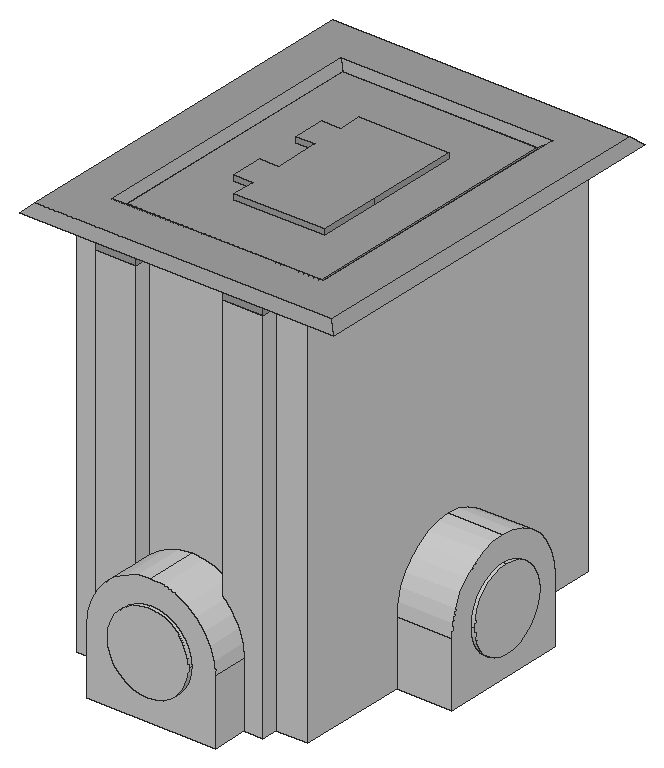
Revit family "Electrical_Equipment-Floor_Box-Hubbell_Wiring-1_Gang-Rectangular_Non_Metallic_Cover-PFBRG1", category Electrical Fixtures, host Face, Revit 2015
Parameters (values of type "PFBRG1 - 1 Gang - Non_Metallic Cover")
  Unit Height Note [instance] = "Min = 3.0in.  Max = 6.0in."  # constant formula
  Unit Height [instance] = 0' - 6"
  URL = "http://www.hubbell-wiring.com/"
  Product data url = "https://bimobject.com/hubbellwiring/product/systemone-pfbrg1"
  Product Page URL = "http://ecatalog.hubbell-wiring.com/productinformation/viewcatalog.aspx?Dest=hubbell-wiring.com/press/catalog/L.pdf&Page=4"
  Product Documentation Link = "http://ecatalog.hubbell-wiring.com/press/catalog/L-11.pdf"
  Model = "PFBRG1"
  Manufacturer = "Hubbell-Wiring"  # constant formula
  Floor Box Type = Non_Metallic Concrete Floor Box : PFBRG1 - Non_Metallic Concrete Floor Box
  Description = "Flush Rectangular Non-Metallic Concrete Floor Box with Non_Metal Cover"  # constant formula
  Default Elevation = 0' - 0"
  Cover Type [instance] = Covers : PFBR826GYA - Non_Metallic Cover - Gray
  Cover Accessory Type [instance] = Carpet Flange : PFBRFGY1 - Non_Metallic Carpet Flange - Gray
  Construction Note [instance] = "Cover with Duplex and Style Line decorator inserts included"  # constant formula
  Conduit Connector_4 Description = "Conduit 1.25in. Connection"  # constant formula
  Conduit Connector_3 Description = "Conduit 1.25in. Connection"  # constant formula
  Conduit Connector_2 Description = "Conduit 1.25in. Connection"  # constant formula
  Conduit Connector_1 Description = "Conduit 1.25in. Connection"  # constant formula
  Conduit Connector 1 Radius = 0' - 0 5/8"  # constant formula
  Collar Material = Non_Metallic-Hubbell-Gray
  Box Material = Non_Metallic-Hubbell-Plastic
  Assembly Code = "D5020115"
  Adapter Ring Part Number = "PFBRAC"
  Adapter Frame Part Number = "S5017G / SA5017G"
Reference planes (in)
  plane 1 "Center (Front/Back)": y = 0
  plane 2: z = 0
  plane 3 "Center (Left/Right)": x = 0
Forms (in)
  Extrusion 1, void, detail levels fine
    sketch origin (0, 0, 0) x (1, 0, 0) y (0, 1, 0)
      loop
        line (-1.51002, -2.08502) -> (1.51002, -2.08502) -> (1.51002, 2.08502) -> (-1.51002, 2.08502) -> (-1.51002, -2.08502)
    from 0 to -6
Lines and regions (in)
  symbolic lines
    curve 1: line (-2.425, -3, 0) -> (2.45391, -3, 0)
    curve 2: line (-2.425, 3, 0) -> (-2.425, -3, 0)
    curve 3: line (2.45391, 3, 0) -> (-2.425, 3, 0)
    curve 4: line (2.45391, -3, 0) -> (2.45391, 3, 0)
Dimensions and locks (in)
  locked: host face to nested 3 at 0.04297
  aligned and locked: plane 2 to host face
  aligned and locked: level to host face
  aligned: level to Extrusion 1
  aligned and locked: plane 1 "Center (Front/Back)" to nested 1
  aligned: plane 2 to nested 1  (x2)
  aligned: Extrusion 1 to nested 1  (x8)
  aligned and locked: plane 1 "Center (Front/Back)" to nested 2
  aligned: nested 2 to plane 2
  aligned: Extrusion 1 to nested 2  (x2)
  aligned and locked: nested 2 to plane 2
  aligned and locked: plane 1 "Center (Front/Back)" to nested 3
  aligned and locked: plane 3 "Center (Left/Right)" to nested 3
  aligned and locked: plane 3 "Center (Left/Right)" to nested 2
  aligned and locked: plane 3 "Center (Left/Right)" to nested 1
  aligned and locked: curve 1 to nested 2
  aligned and locked: curve 2 to nested 2
  aligned and locked: curve 3 to nested 2
  aligned and locked: curve 4 to nested 2
Nested families (in)
  nested 1: "Non_Metallic Concrete Floor Box" at (0, 0, 0), Unit Height <- "Unit Height", type "PFBRG1 - Non_Metallic Concrete Floor Box"
    with Unit Height 0' - 6"
  nested 2: "Carpet Flange" at (0, 0, 0), type <- "Cover Accessory Type", type "PFBRFGY1 - Non_Metallic Carpet Flange - Gray"
  nested 3: "Covers" at (0, 0, -0.04297), type <- "Cover Type", type "PFBR826GYA - Non_Metallic Cover - Gray"
Connectors (in)
  cabletrayconduit at (0, -3.56429, -5), diameter 1.25, driven by "Conduit Connector 1 Radius", driven by "Conduit Connector_1 Description"
    settings: on nested 1, index 1, connector width 1' - 0", connector height 1' - 0", connector angle 0.00°, system type 32, placement type 0, profile type 0, connector reference index -1, is primary connector yes, connector utility param no, connector description "Conduit 1.25in. Connection"
  cabletrayconduit at (2.705, -0.00392, -5), diameter 1.25, driven by "Conduit Connector 1 Radius", driven by "Conduit Connector_2 Description"
    settings: on nested 1, index 2, connector width 1' - 0", connector height 1' - 0", connector angle 0.00°, system type 32, placement type 0, profile type 0, connector reference index -1, is primary connector no, connector utility param no, connector description "Conduit 1.25in. Connection"
  cabletrayconduit at (0, 3.56429, -5), diameter 1.25, driven by "Conduit Connector 1 Radius", driven by "Conduit Connector_3 Description"
    settings: on nested 1, index 3, connector width 1' - 0", connector height 1' - 0", connector angle 0.00°, system type 32, placement type 0, profile type 0, connector reference index -1, is primary connector no, connector utility param no, connector description "Conduit 1.25in. Connection"
  cabletrayconduit at (-2.705, 0, -5), diameter 1.25, driven by "Conduit Connector 1 Radius", driven by "Conduit Connector_4 Description"
    settings: on nested 1, index 4, connector width 1' - 0", connector height 1' - 0", connector angle 0.00°, system type 32, placement type 0, profile type 0, connector reference index -1, is primary connector no, connector utility param no, connector description "Conduit 1.25in. Connection"
Definition of nested family "Non_Metallic Concrete Floor Box"
  Parameters
    Unit Height [instance] = 0' - 4"
    Cover Material = none
    Conduit Connector Offset = 0' - 1"
    Conduit Connector 1 Radius = 0' - 0 5/8"
    Can Material = none
    Assembly Code = ""
  Reference planes (in)
    plane 1 "Center (Front/Back)": y = 0
    plane 2: z = 0
    plane 3 "Center (Left/Right)": x = 0
    plane 4: z = -4
    plane 5: z = -3
    plane 6: y = 3.50179
    plane 7: y = 3.56429
    plane 8: y = -3.50179
    plane 9: y = -3.56429
  Forms (in)
    Extrusion 1, solid, material <- "Can Material"
      sketch origin (0, 0, 0) x (1, 0, 0) y (0, 0, -1)
        loop
          arc (-0.625, 3) -> (-0.44194, 2.55806) -> (0, 2.375) r 0.625
          arc (0, 2.375) -> (0.44194, 2.55806) -> (0.625, 3) r 0.625
          arc (0.625, 3) -> (0.44194, 3.44194) -> (0, 3.625) r 0.625
          arc (0, 3.625) -> (-0.44194, 3.44194) -> (-0.625, 3) r 0.625
      from -3.50179 to -3.56429
    Extrusion 2, solid, material <- "Can Material"
      sketch origin (0, 0, -2) x (1, 0, 0) y (0, 0, 1)
        loop
          line (-1, -2) -> (1, -2) -> (1, -1)
          arc (1, -1) -> (0.70711, -0.29289) -> (0, 0) r 1
          arc (0, 0) -> (-0.70711, -0.29289) -> (-1, -1) r 1
          line (-1, -1) -> (-1, -2)
      from 2.705 to 3.50179
    Extrusion 3, solid, material <- "Can Material"
      sketch origin (0, 0, 0) x (1, 0, 0) y (0, 0, 1)
        loop
          arc (-0.625, -3) -> (-0.44194, -3.44194) -> (0, -3.625) r 0.625
          arc (0, -3.625) -> (0.44194, -3.44194) -> (0.625, -3) r 0.625
          arc (0.625, -3) -> (0.44194, -2.55806) -> (0, -2.375) r 0.625
          arc (0, -2.375) -> (-0.44194, -2.55806) -> (-0.625, -3) r 0.625
      from -3.50179 to -3.56429
    Extrusion 4, solid, material <- "Can Material"
      sketch origin (0, 0, 0) x (1, 0, 0) y (0, 0, -1)
        loop
          arc (-1, 3) -> (-0.70711, 2.29289) -> (0, 2) r 1
          arc (0, 2) -> (0.70711, 2.29289) -> (1, 3) r 1
          line (1, 3) -> (1, 4) -> (-1, 4) -> (-1, 3)
      from 2.705 to 3.50179
    Extrusion 5, solid, material <- "Can Material"
      sketch origin (0.07413, -0.00392, 0) x (0, 1, 0) y (0, 0, -1)
        loop
          arc (-0.625, 3) -> (-0.44194, 2.55806) -> (0, 2.375) r 0.625
          arc (0, 2.375) -> (0.44194, 2.55806) -> (0.625, 3) r 0.625
          arc (0.625, 3) -> (0.44194, 3.44194) -> (0, 3.625) r 0.625
          arc (0, 3.625) -> (-0.44194, 3.44194) -> (-0.625, 3) r 0.625
      from -2.56837 to -2.63087
    Extrusion 6, solid, material <- "Can Material"
      sketch origin (0, 0, 0) x (0, 1, 0) y (0, 0, 1)
        loop
          arc (0, -2) -> (-0.70711, -2.29289) -> (-1, -3) r 1
          line (-1, -3) -> (-1, -4) -> (1, -4) -> (1, -3)
          arc (1, -3) -> (0.70711, -2.29289) -> (0, -2) r 1
      from 1.66217 to 2.6425
    Extrusion 7, solid, material <- "Can Material"
      sketch origin (0, 0, 0) x (0, 1, 0) y (0, 0, 1)
        loop
          arc (-0.625, -3) -> (-0.44194, -3.44194) -> (0, -3.625) r 0.625
          arc (0, -3.625) -> (0.44194, -3.44194) -> (0.625, -3) r 0.625
          arc (0.625, -3) -> (0.44194, -2.55806) -> (0, -2.375) r 0.625
          arc (0, -2.375) -> (-0.44194, -2.55806) -> (-0.625, -3) r 0.625
      from -2.6425 to -2.705
    Extrusion 8, solid, material <- "Can Material"
      sketch origin (0, 0, 0) x (0, 1, 0) y (0, 0, -1)
        loop
          line (-1, 4) -> (-1, 3)
          arc (-1, 3) -> (-0.70711, 2.29289) -> (0, 2) r 1
          arc (0, 2) -> (0.70711, 2.29289) -> (1, 3) r 1
          line (1, 3) -> (1, 4) -> (-1, 4)
      from 1.65826 to 2.6425
    Extrusion 9, solid, material <- "Cover Material"
      sketch origin (0, 0, 0.22509) x (1, 0, 0) y (0, 1, 0)
        loop
          line (-1.29669, 2.705) -> (-1.79, 2.705) -> (-1.79, -2.705) -> (-1.29669, -2.705) -> (-1.29669, -2.955) -> (-0.67049, -2.955) -> (-0.67049, -2.705) -> (0.67049, -2.705) -> (0.67049, -2.955) -> (1.29669, -2.955) -> (1.29669, -2.705) -> (1.79, -2.705) -> (1.79, 2.705) -> (1.29669, 2.705) -> (1.29669, 2.955) -> (0.67049, 2.955) -> (0.67049, 2.705) -> (-0.67049, 2.705) -> (-0.67049, 2.955) -> (-1.29669, 2.955) -> (-1.29669, 2.705)
        loop
          line (-1.4965, 2.078) -> (-1.4965, -2.078) -> (1.4965, -2.078) -> (1.4965, 2.078) -> (-1.4965, 2.078)
      from -0.36509 to -0.22509
    Extrusion 10, solid, material <- "Can Material"
      sketch origin (0, 0, 7.9375) x (1, 0, 0) y (0, 1, 0)
        loop
          line (-1.29669, 2.705) -> (-1.79, 2.705) -> (-1.79, -2.705) -> (-1.29669, -2.705) -> (-1.29669, -2.955) -> (-0.67049, -2.955) -> (-0.67049, -2.705) -> (0.67049, -2.705) -> (0.67049, -2.955) -> (1.29669, -2.955) -> (1.29669, -2.705) -> (1.79, -2.705) -> (1.79, 2.705) -> (1.29669, 2.705) -> (1.29669, 2.955) -> (0.67049, 2.955) -> (0.67049, 2.705) -> (-0.67049, 2.705) -> (-0.67049, 2.955) -> (-1.29669, 2.955) -> (-1.29669, 2.705)
      from -11.9375 to -10.9375
    Extrusion 11, solid, material <- "Can Material"
      sketch origin (0, 0, 7.9375) x (1, 0, 0) y (0, 1, 0)
        loop
          line (-1.29669, 2.705) -> (-1.79, 2.705) -> (-1.79, -2.705) -> (-1.29669, -2.705) -> (-1.29669, -2.955) -> (-0.67049, -2.955) -> (-0.67049, -2.705) -> (0.67049, -2.705) -> (0.67049, -2.955) -> (1.29669, -2.955) -> (1.29669, -2.705) -> (1.79, -2.705) -> (1.79, 2.705) -> (1.29669, 2.705) -> (1.29669, 2.955) -> (0.67049, 2.955) -> (0.67049, 2.705) -> (-0.67049, 2.705) -> (-0.67049, 2.955) -> (-1.29669, 2.955) -> (-1.29669, 2.705)
        loop
          line (-1.4965, 2.078) -> (-1.4965, -2.078) -> (1.4965, -2.078) -> (1.4965, 2.078) -> (-1.4965, 2.078)
      from -10.9375 to -8.0775
  Cuts and joins
    joined: Extrusion 1, Extrusion 2, Extrusion 3, Extrusion 4, Extrusion 5, Extrusion 6, Extrusion 7, Extrusion 8, Extrusion 10, Extrusion 11
  Dimensions and locks (in)
    "Conduit Connector Offset": plane 5 to plane 4
    "Unit Height": level to plane 4
    "Conduit Connector 1 Radius": radius of Extrusion 1 sketch curve
    "Conduit Connector 1 Radius": radius of Extrusion 3 sketch curve
    "Conduit Connector 1 Radius": radius of Extrusion 5 sketch curve
    "Conduit Connector 1 Radius": radius of Extrusion 7 sketch curve
    aligned and locked: plane 2 to level
    aligned and locked: Extrusion 1 to Extrusion 2
    aligned and locked: Extrusion 4 to Extrusion 3
    aligned and locked: Extrusion 5 to Extrusion 6
    aligned and locked: Extrusion 8 to Extrusion 7
    aligned: cut or joined group 1 (Extrusion 1, Extrusion 2, Extrusion 3, Extrusion 4, Extrusion 5, Extrusion 6, Extrusion 7, Extrusion 8, Extrusion 10, Extrusion 11) to cut or joined group 1  (x2)
    aligned: plane 2 to Extrusion 9
    aligned: Extrusion 10 to cut or joined group 1
    aligned: plane 4 to Extrusion 10
    aligned and locked: level to Extrusion 9
    aligned and locked: cut or joined group 1 to plane 4  (x4)
    aligned: cut or joined group 1 to plane 4  (x2)
    aligned: cut or joined group 1 to Extrusion 9
    aligned and locked: plane 5 to Extrusion 10
    aligned and locked: Extrusion 11 to plane 5
    aligned and locked: plane 5 to cut or joined group 1
    aligned and locked: Extrusion 9 to Extrusion 11
  Automatic sketch dimensions
    Extrusion 1 sketch curve to Extrusion 1 sketch curve = 0' - 0"
    Extrusion 1 sketch curve to plane 5 = 0' - 0"
    Extrusion 1 sketch curve to plane 3 "Center (Left/Right)" = 0' - 0"
    Extrusion 2 sketch curve to Extrusion 2 sketch curve = 0' - 0"  (x2)
    plane 5 to Extrusion 2 sketch curve = 0' - 0"
    Extrusion 2 sketch curve to plane 3 "Center (Left/Right)" = 0' - 0"
    Extrusion 2 sketch curve to plane 4 = 0' - 0"
    Extrusion 2 sketch curve to plane 3 "Center (Left/Right)" = 0' - 1"
    Extrusion 3 sketch curve to Extrusion 3 sketch curve = 0' - 0"
    Extrusion 3 sketch curve to plane 5 = 0' - 0"
    Extrusion 3 sketch curve to plane 3 "Center (Left/Right)" = 0' - 0"
    Extrusion 4 sketch curve to Extrusion 4 sketch curve = 0' - 0"  (x2)
    Extrusion 4 sketch curve to plane 5 = 0' - 0"
    Extrusion 4 sketch curve to plane 3 "Center (Left/Right)" = 0' - 0"
    Extrusion 4 sketch curve to Extrusion 4 sketch curve = 0' - 1"
    Extrusion 4 sketch curve to plane 4 = 0' - 0"
    Extrusion 5 sketch curve to Extrusion 5 sketch curve = 0' - 0"
    Extrusion 5 sketch curve to plane 5 = 0' - 0"
    plane 1 "Center (Front/Back)" to Extrusion 5 sketch curve = 0' - 0 161/256"
    Extrusion 6 sketch curve to Extrusion 6 sketch curve = 0' - 0"  (x2)
    Extrusion 6 sketch curve to plane 5 = 0' - 0"
    Extrusion 6 sketch curve to plane 1 "Center (Front/Back)" = 0' - 0"
    Extrusion 6 sketch curve to plane 4 = 0' - 0"
    plane 1 "Center (Front/Back)" to Extrusion 6 sketch curve = 0' - 1"
    Extrusion 7 sketch curve to Extrusion 7 sketch curve = 0' - 0"
    Extrusion 7 sketch curve to plane 5 = 0' - 0"
    Extrusion 7 sketch curve to plane 1 "Center (Front/Back)" = 0' - 0"
    Extrusion 8 sketch curve to Extrusion 8 sketch curve = 0' - 0"  (x2)
    Extrusion 8 sketch curve to plane 5 = 0' - 0"
    Extrusion 8 sketch curve to plane 1 "Center (Front/Back)" = 0' - 0"
    Extrusion 8 sketch curve to plane 4 = 0' - 0"
    plane 1 "Center (Front/Back)" to Extrusion 8 sketch curve = 0' - 1"
    Extrusion 9 sketch curve to plane 6 = 0' - 0.79679"  (x2)
    Extrusion 9 sketch curve to plane 3 "Center (Left/Right)" = 0' - 1.79"
    Extrusion 9 sketch curve to Extrusion 9 sketch curve = 0' - 0.2935"
    Extrusion 9 sketch curve to Extrusion 9 sketch curve = 0' - 0.49331"  (x3)
    Extrusion 9 sketch curve to Extrusion 9 sketch curve = 0' - 0.6262"  (x4)
    plane 3 "Center (Left/Right)" to Extrusion 9 sketch curve = 0' - 0.67049"  (x2)
    Extrusion 9 sketch curve to Extrusion 9 sketch curve = 0' - 0.19981"
    Extrusion 9 sketch curve to Extrusion 9 sketch curve = 0' - 0.627"  (x3)
    Extrusion 9 sketch curve to plane 8 = 0' - 1.42379"
    Extrusion 9 sketch curve to Extrusion 9 sketch curve = 0' - 0"  (x2)
    Extrusion 9 sketch curve to Extrusion 9 sketch curve = 0' - 0 1/4"  (x4)
    Extrusion 10 sketch curve to plane 6 = 0' - 0.79679"  (x2)
    Extrusion 10 sketch curve to plane 3 "Center (Left/Right)" = 0' - 1.79"
    Extrusion 10 sketch curve to Extrusion 10 sketch curve = 0' - 0.49331"  (x3)
    Extrusion 10 sketch curve to Extrusion 10 sketch curve = 0' - 0.6262"  (x4)
    plane 3 "Center (Left/Right)" to Extrusion 10 sketch curve = 0' - 0.67049"  (x2)
    Extrusion 10 sketch curve to plane 8 = 0' - 0.79679"  (x2)
    Extrusion 10 sketch curve to Extrusion 10 sketch curve = 0' - 0"  (x2)
    Extrusion 10 sketch curve to Extrusion 10 sketch curve = 0' - 0 1/4"  (x4)
    Extrusion 11 sketch curve to plane 6 = 0' - 0.79679"  (x2)
    Extrusion 11 sketch curve to plane 3 "Center (Left/Right)" = 0' - 1.79"
    Extrusion 11 sketch curve to Extrusion 11 sketch curve = 0' - 0.2935"
    Extrusion 11 sketch curve to Extrusion 11 sketch curve = 0' - 0.49331"  (x3)
    Extrusion 11 sketch curve to Extrusion 11 sketch curve = 0' - 0.6262"  (x4)
    plane 3 "Center (Left/Right)" to Extrusion 11 sketch curve = 0' - 0.67049"  (x2)
    Extrusion 11 sketch curve to Extrusion 11 sketch curve = 0' - 0.19981"
    Extrusion 11 sketch curve to Extrusion 11 sketch curve = 0' - 0.627"  (x3)
    Extrusion 11 sketch curve to plane 8 = 0' - 1.42379"
    Extrusion 11 sketch curve to Extrusion 11 sketch curve = 0' - 0"  (x2)
    Extrusion 11 sketch curve to Extrusion 11 sketch curve = 0' - 0 1/4"  (x4)
Definition of nested family "Carpet Flange"
  Parameters
    Width = 0' - 6"
    Tile Frame On = no
    Length = 0' - 4 225/256"
    Cover Material = none
    Carpet Flange On = yes
    Assembly Code = ""
  Reference planes (in)
    plane 1 "Center (Front/Back)": y = 0
    plane 2: z = 0
    plane 3 "Center (Left/Right)": x = 0
    plane 4: z = 0.125
    plane 5: x = -1.635
    plane 6: x = -1.51002
    plane 7: z = 0.125
  Forms (in)
    Sweep 1, solid, material <- "Cover Material", visible <- "Carpet Flange On"
      path in 3D
        loop
          line (-2.425, -3, 0) -> (2.425, -3, 0) -> (2.425, 3, 0) -> (-2.425, 3, 0) -> (-2.425, -3, 0)
      profile origin (-2.425, 0, 0) x (1, 0, 0) y (0, 0, 1)
        loop
          line (0, 0) -> (0.91498, 0) -> (0.91498, 0.03877) -> (0.79, 0.125) -> (0.125, 0.125) -> (0, 0)
    Sweep 2, solid, material <- "Cover Material", visible <- "Tile Frame On"
      path in 3D
        loop
          line (-2.425, -3, 0) -> (2.425, -3, 0) -> (2.425, 3, 0) -> (-2.425, 3, 0) -> (-2.425, -3, 0)
      profile origin (-2.425, 0, 0) x (1, 0, 0) y (0, 0, 1)
        loop
          line (0.79, 0) -> (0.91498, 0) -> (0.91498, 0.03877) -> (0.79, 0.125) -> (0.79, 0)
  Lines and regions (in)
    Masking region 1
      outline origin (0, 0, 0) x (1, 0, 0) y (0, 1, 0)
        loop
          line (-2.42505, 3.00006) -> (-2.42505, -3.00006) -> (2.42505, -3.00006) -> (2.42505, 3.00006) -> (-2.42505, 3.00006)
    reference lines
      curve 1: line (-2.425, 3, 0) -> (-2.425, -3, 0)
      curve 2: line (-2.425, -3, 0) -> (2.45391, -3, 0)
      curve 3: line (2.45391, -3, 0) -> (2.45391, 3, 0)
      curve 4: line (2.45391, 3, 0) -> (-2.425, 3, 0)
    sketch lines
      curve 5: line (-2.425, 3, 0) -> (-2.425, -3, 0)
      curve 6: line (2.425, 3, 0) -> (-2.425, 3, 0)
      curve 7: line (2.425, -3, 0) -> (2.425, 3, 0)
      curve 8: line (-2.425, -3, 0) -> (2.425, -3, 0)
      curve 9: line (-2.425, 3, 0) -> (-2.425, -3, 0)
      curve 10: line (2.425, 3, 0) -> (-2.425, 3, 0)
      curve 11: line (2.425, -3, 0) -> (2.425, 3, 0)
      curve 12: line (-2.425, -3, 0) -> (2.425, -3, 0)
  Dimensions and locks (in)
    "Length": curve 1 to curve 3
    plane 5 to plane 3 "Center (Left/Right)" = 0' - 1.635"
    aligned and locked: plane 2 to level
  Automatic sketch dimensions
    curve 1 to plane 3 "Center (Left/Right)" = 0' - 2.425"
    plane 1 "Center (Front/Back)" to curve 1 = 0' - 3"
    curve 3 to plane 1 "Center (Front/Back)" = 0' - 3"
    Masking region 1 sketch curve to plane 3 "Center (Left/Right)" = 0' - 2.42505"
    plane 3 "Center (Left/Right)" to Masking region 1 sketch curve = 0' - 2.42505"
    plane 1 "Center (Front/Back)" to Masking region 1 sketch curve = 0' - 3.00006"
    Masking region 1 sketch curve to plane 1 "Center (Front/Back)" = 0' - 3.00006"
    profile plane to Sweep 1 sketch curve = 0' - 0"  (x2)
    Sweep 1 sketch curve to plane 4 = 0' - 0"
    Sweep 1 sketch curve to profile plane = 0' - 0"  (x2)
    Sweep 1 sketch curve to profile plane = 0' - 0 1/8"
    Sweep 1 sketch curve to Sweep 1 sketch curve = 0' - 0.665"
    Sweep 1 sketch curve to Sweep 1 sketch curve = 0' - 0 1/8"
    profile plane to Sweep 1 sketch curve = 0' - 0.03877"
    Sweep 2 sketch curve to plane 7 = 0' - 0"
    Sweep 2 sketch curve to profile plane = 0' - 0.79"
    profile plane to Sweep 2 sketch curve = 0' - 0.03877"
    Sweep 2 sketch curve to Sweep 2 sketch curve = 0' - 0 1/8"
    Sweep 2 sketch curve to profile plane = 0' - 0"
Definition of nested family "Covers"
  Parameters
    Cover Material = none
    Assembly Code = ""
  Reference planes (in)
    plane 1 "Center (Front/Back)": y = 0
    plane 2: z = 0
    plane 3 "Center (Left/Right)": x = 0
  Forms (in)
    Extrusion 1, solid, material <- "Cover Material"
      sketch origin (0, 0, 0.38984) x (1, 0, 0) y (0, 1, 0)
        loop
          line (-1.50041, 2.08191) -> (-1.50041, -2.08191) -> (1.50041, -2.08191) -> (1.50041, 2.08191) -> (-1.50041, 2.08191)
      from -0.44 to -0.3
    Extrusion 2, solid, material <- "Cover Material", detail levels medium+fine
      sketch origin (0.14645, 0, -0.03016) x (1, 0, 0) y (0, 1, 0)
        loop
          line (-0.69687, 1.20711) -> (-0.69687, 0.85355) -> (-0.98976, 0.85355) -> (-0.98976, 0.35355) -> (-0.69687, 0.35355) -> (-0.69687, -0.35355) -> (-0.98976, -0.35355) -> (-0.98976, -0.85355) -> (-0.69687, -0.85355) -> (-0.69687, -1.20711) -> (0.69687, -1.20711) -> (0.69687, -0.24767) -> (0.69687, 1.20711) -> (-0.69687, 1.20711)
      from 0.12 to 0.20228
  Lines and regions (in)
    Masking region 1, detail levels medium+fine
      outline origin (0, -0.01575, 0) x (1, 0, 0) y (0, 1, 0)
        loop
          line (-1.50041, 2.09766) -> (-1.50041, -2.06616) -> (1.50041, -2.06616) -> (1.50041, 2.09766) -> (-1.50041, 2.09766)
    symbolic lines, detail levels fine
      curve 1: line (0.84332, 1.20711, 0) -> (-0.55042, 1.20711, 0)
      curve 2: line (-0.55042, 1.20711, 0) -> (-0.55042, 0.85355, 0)
      curve 3: line (-0.55042, 0.85355, 0) -> (-0.84332, 0.85355, 0)
      curve 4: line (-0.84332, 0.85355, 0) -> (-0.84332, 0.35355, 0)
      curve 5: line (-0.84332, 0.35355, 0) -> (-0.55042, 0.35355, 0)
      curve 6: line (-0.55042, 0.35355, 0) -> (-0.55042, -0.35355, 0)
      curve 7: line (-0.55042, -0.35355, 0) -> (-0.84332, -0.35355, 0)
      curve 8: line (-0.84332, -0.35355, 0) -> (-0.84332, -0.85355, 0)
      curve 9: line (-0.84332, -0.85355, 0) -> (-0.55042, -0.85355, 0)
      curve 10: line (-0.55042, -0.85355, 0) -> (-0.55042, -1.20711, 0)
      curve 11: line (-0.55042, -1.20711, 0) -> (0.84332, -1.20711, 0)
      curve 12: line (0.84332, -1.20711, 0) -> (0.84332, -0.24767, 0)
      curve 13: line (0.84332, -0.24767, 0) -> (0.84332, 1.20711, 0)
  Dimensions and locks (in)
    aligned and locked: plane 2 to level
